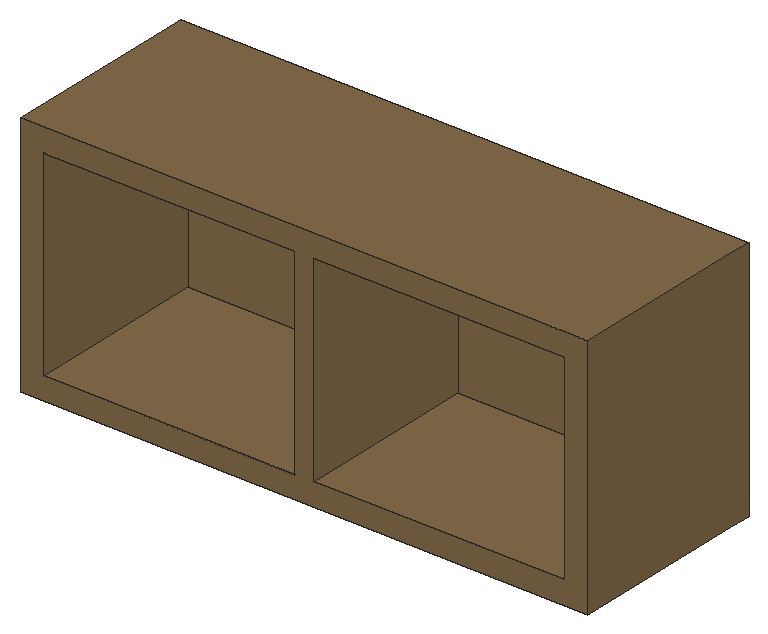
Revit family "箱子_长44cm", category 家具, Revit 2019
Family settings
  OmniClass 编号 = 23.40.20.00
  OmniClass 标题 = General Furniture and Specialties
  基于工作平面 = 否
  总是垂直 = 是
  加载时剪切的空心 = 否
  共享 = 否
  房间计算点 = 否
Parameters (values of type "黑胡桃木")
  高度 = 190 mm
  长度 = 440 mm
  说明 = "承重3kg"
  材质 = 胡桃木_黑色_树脂涂装
  成本 = 370
  宽度 = 155 mm
  型号 = "37287440"
  制造商 = "MUJI"
Types (3, lengths in mm): name | 说明 | 材质 | 成本 | 型号
  (no name) | "承重3kg" | 胡桃木_黑色_树脂涂装 | 370 | "37287440"
  白橡木 | "承重5kg" | 橡木_白色_树脂涂装 | 300 | "37287365"
  黑胡桃木 | "承重3kg" | 胡桃木_黑色_树脂涂装 | 370 | "37287440"
Reference planes
  plane 1 "中心(前/后)": y = 0
  plane 2: z = 0
  plane 3 "中心(左/右)": x = 0
  plane 4: x = 440
  plane 5: y = -155
  plane 6: z = 190
  plane 7: z = 172.5
  plane 8: z = 17.5
  plane 9: x = 18
  plane 10: x = 422
  plane 11: y = -15
  plane 12: x = 220
Forms (mm)
  Extrusion 1, solid, material "胡桃木_黑色_树脂涂装" <- "材质"
    sketch origin (0, 0, 0) x (1, 0, 0) y (0, 0, 1)
      loop
        line (0, 190) -> (0, 0) -> (440, 0) -> (440, 190) -> (0, 190)
      loop
        line (18, 172.5) -> (18, 17.5) -> (422, 17.5) -> (422, 172.5) -> (18, 172.5)
    from 0 to 155
  Extrusion 2, solid, material "胡桃木_黑色_树脂涂装" <- "材质"
    sketch origin (0, 0, 0) x (1, 0, 0) y (0, 1, 0)
      loop
        line (0, 0) -> (0, -15) -> (440, -15) -> (440, 0) -> (0, 0)
    from 0 to 190
  Extrusion 3, solid, material "胡桃木_黑色_树脂涂装" <- "材质"
    sketch origin (0, 0, 0) x (1, 0, 0) y (0, 0, 1)
      loop
        line (213, 172.5) -> (213, 17.5) -> (227, 17.5) -> (227, 172.5) -> (213, 172.5)
    from 15 to 155
Cuts and joins
  joined: Extrusion 1, Extrusion 2, Extrusion 3
Dimensions and locks
  "长度": plane 4 to plane 3 "中心(左/右)"
  "宽度": plane 5 to plane 1 "中心(前/后)"
  "高度": plane 6 to plane 2
  locked: plane 6 to plane 7 at 17.5
  locked: plane 8 to plane 2 at 17.5
  locked: plane 9 to plane 3 "中心(左/右)" at 18
  locked: plane 4 to plane 10 at 18
  locked: plane 1 "中心(前/后)" to plane 11 at 15
  equal spacing: Extrusion 3 sketch curve, plane 12, Extrusion 3 sketch curve
  equal spacing: plane 4, plane 12, plane 3 "中心(左/右)"
  locked: plane 12 to Extrusion 3 sketch curve at 7
  aligned and locked: level to plane 2
  aligned and locked: Extrusion 1 sketch curve to plane 6
  aligned and locked: plane 3 "中心(左/右)" to Extrusion 1 sketch curve
  aligned and locked: level to Extrusion 1 sketch curve
  aligned and locked: Extrusion 1 sketch curve to plane 4
  aligned and locked: Extrusion 1 sketch curve to plane 7
  aligned and locked: plane 9 to Extrusion 1 sketch curve
  aligned and locked: plane 8 to Extrusion 1 sketch curve
  aligned and locked: Extrusion 1 sketch curve to plane 10
  aligned and locked: Extrusion 1 to plane 5
  aligned and locked: plane 3 "中心(左/右)" to Extrusion 2 sketch curve
  aligned and locked: Extrusion 2 sketch curve to plane 4
  aligned and locked: Extrusion 2 sketch curve to plane 11
  aligned and locked: plane 1 "中心(前/后)" to Extrusion 2 sketch curve
  aligned and locked: Extrusion 3 sketch curve to plane 7
  aligned and locked: plane 8 to Extrusion 3 sketch curve
  aligned and locked: plane 6 to Extrusion 2
  aligned and locked: plane 11 to Extrusion 3
  aligned and locked: Extrusion 3 to plane 5
